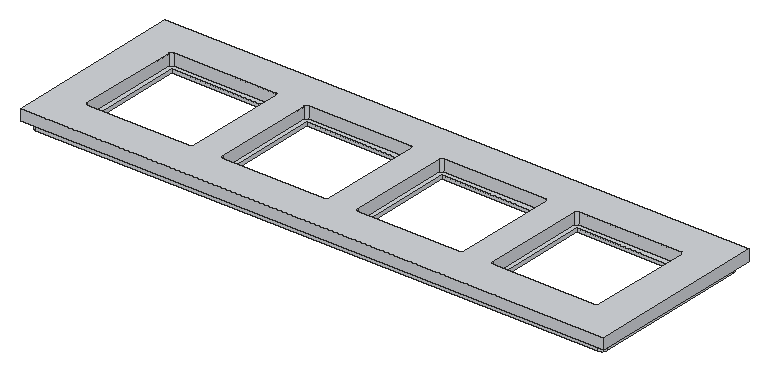
Revit family "Gira_021412", category Electrical Fixtures, host Face, Revit 2017
Family settings
  Host = Face
  Maintain Annotation Orientation = No
  Round Connector Dimension = Use Diameter
  Part Type = Normal
  Cut with Voids When Loaded = No
  Shared = No
  Room Calculation Point = No
Parameters (values of type "Cov.fr. 4-g Gira Esprit white gl.")
  With mounting grid = "No"
  With hinged lid = "No"
  URL = "http://katalog.gira.de/en/datenblatt.html?artikelnr=021412"
  Type of fastening = "Clamp mounting"
  Transparent = "No"
  Surface protection = "Other"
  Suitable for wall duct = "No"
  Suitable for flush-mounted installation = "Yes"
  Suitable for floor box = "No"
  Suitable for built-in installation = "No"
  Number of units vertical = "4"
  Number of units horizontal = "4"
  Number of units = "4"
  Name = "Cov.fr. 4-g Gira Esprit white gl."
  Mounting direction = "Horizontal and vertical"
  Material quality = "Real glass"
  Material = "Glass"
  Manufacturer URL = "https://www.gira.de/"
  Manufacturer = "Gira"
  Label space/information surface = "No"
  Keynote = ""
  HeinzeBIM = "https://bimportal.heinze.de/bim/cov-fr-4-g-gira-esprit-white-gl-/3d7f772b78745eb52de39a3051022ab75fd9eed2"
  Halogen free = "No"
  HAN = "021412"
  GTIN = "4010337214120"
  Description = "Cov.fr.4g Espr. GWh,Gira Esprit cover frame,white glass,4-gang,"
  Degree of protection (IP) = "IP20"
  Default Elevation = 1219.2 mm
  Data sheet (1) = "https://katalog.gira.de/en/download.html?artikelnr=021412"
  Colour = "White"
  Category = "Cover frame for domestic switching devices"
  BIM (1) = "https://media.stage.bim.site/public/gira/36a6b08/Espr._Rahmen_4fach.rfa"
  Available = "No"
Reference planes
  plane 1 "Center (Front/Back)": y = 0
  plane 2: z = 0
  plane 3 "Center (Left/Right)": x = 0
Forms (mm)
  Extrusion 1, solid, detail levels fine
    sketch origin (0, 0, 0) x (1, 0, 0) y (0, 1, 0)
      loop
        line (-154, 47.5) -> (-154, -47.5) -> (154, -47.5) -> (154, 47.5) -> (-154, 47.5)
      loop
        arc (-135.25, -26.8) -> (-134.811, -27.861) -> (-133.75, -28.3) r 1.5
        line (-133.75, -28.3) -> (-80.15, -28.3)
        arc (-80.15, -28.3) -> (-79.089, -27.861) -> (-78.65, -26.8) r 1.5
        line (-78.65, -26.8) -> (-78.65, 26.8)
        arc (-78.65, 26.8) -> (-79.089, 27.861) -> (-80.15, 28.3) r 1.5
        line (-80.15, 28.3) -> (-133.75, 28.3)
        arc (-133.75, 28.3) -> (-134.811, 27.861) -> (-135.25, 26.8) r 1.5
        line (-135.25, 26.8) -> (-135.25, -26.8)
      loop
        arc (-63.95, -26.8) -> (-63.511, -27.861) -> (-62.45, -28.3) r 1.5
        line (-62.45, -28.3) -> (-8.85, -28.3)
        arc (-8.85, -28.3) -> (-7.789, -27.861) -> (-7.35, -26.8) r 1.5
        line (-7.35, -26.8) -> (-7.35, 26.8)
        arc (-7.35, 26.8) -> (-7.789, 27.861) -> (-8.85, 28.3) r 1.5
        line (-8.85, 28.3) -> (-62.45, 28.3)
        arc (-62.45, 28.3) -> (-63.511, 27.861) -> (-63.95, 26.8) r 1.5
        line (-63.95, 26.8) -> (-63.95, -26.8)
      loop
        arc (7.35, -26.8) -> (7.789, -27.861) -> (8.85, -28.3) r 1.5
        line (8.85, -28.3) -> (62.45, -28.3)
        arc (62.45, -28.3) -> (63.511, -27.861) -> (63.95, -26.8) r 1.5
        line (63.95, -26.8) -> (63.95, 26.8)
        arc (63.95, 26.8) -> (63.511, 27.861) -> (62.45, 28.3) r 1.5
        line (62.45, 28.3) -> (8.85, 28.3)
        arc (8.85, 28.3) -> (7.789, 27.861) -> (7.35, 26.8) r 1.5
        line (7.35, 26.8) -> (7.35, -26.8)
      loop
        arc (78.65, -26.8) -> (79.089, -27.861) -> (80.15, -28.3) r 1.5
        line (80.15, -28.3) -> (133.75, -28.3)
        arc (133.75, -28.3) -> (134.811, -27.861) -> (135.25, -26.8) r 1.5
        line (135.25, -26.8) -> (135.25, 26.8)
        arc (135.25, 26.8) -> (134.811, 27.861) -> (133.75, 28.3) r 1.5
        line (133.75, 28.3) -> (80.15, 28.3)
        arc (80.15, 28.3) -> (79.089, 27.861) -> (78.65, 26.8) r 1.5
        line (78.65, 26.8) -> (78.65, -26.8)
    from 0 to 6
  Extrusion 2, solid, detail levels fine
    sketch origin (0, 0, 0) x (1, 0, 0) y (0, 1, 0)
      loop
        line (-132.85, -25.7) -> (-81.05, -25.7) -> (-81.05, 25.7) -> (-132.85, 25.7) -> (-132.85, -25.7)
      loop
        line (61.55, 25.7) -> (9.75, 25.7) -> (9.75, -25.7) -> (61.55, -25.7) -> (61.55, 25.7)
      loop
        arc (-149.85, -41.4) -> (-149.323, -42.673) -> (-148.05, -43.2) r 1.8
        line (-148.05, -43.2) -> (148.05, -43.2)
        arc (148.05, -43.2) -> (149.323, -42.673) -> (149.85, -41.4) r 1.8
        line (149.85, -41.4) -> (149.85, 41.4)
        arc (149.85, 41.4) -> (149.323, 42.673) -> (148.05, 43.2) r 1.8
        line (148.05, 43.2) -> (-148.05, 43.2)
        arc (-148.05, 43.2) -> (-149.323, 42.673) -> (-149.85, 41.4) r 1.8
        line (-149.85, 41.4) -> (-149.85, -41.4)
      loop
        line (-9.75, 25.7) -> (-61.55, 25.7) -> (-61.55, -25.7) -> (-9.75, -25.7) -> (-9.75, 25.7)
      loop
        line (132.85, 25.7) -> (81.05, 25.7) -> (81.05, -25.7) -> (132.85, -25.7) -> (132.85, 25.7)
    from -1.9 to 0
  Extrusion 3, solid, detail levels fine
    sketch origin (0, 0, 0) x (1, 0, 0) y (0, 1, 0)
      loop
        arc (-148.05, 44.4) -> (-150.171, 43.521) -> (-151.05, 41.4) r 3
        line (-151.05, 41.4) -> (-151.05, -41.4)
        arc (-151.05, -41.4) -> (-150.171, -43.521) -> (-148.05, -44.4) r 3
        line (-148.05, -44.4) -> (148.05, -44.4)
        arc (148.05, -44.4) -> (150.171, -43.521) -> (151.05, -41.4) r 3
        line (151.05, -41.4) -> (151.05, 41.4)
        arc (151.05, 41.4) -> (150.171, 43.521) -> (148.05, 44.4) r 3
        line (148.05, 44.4) -> (-148.05, 44.4)
      loop
        arc (-149.85, -41.4) -> (-149.323, -42.673) -> (-148.05, -43.2) r 1.8
        line (-148.05, -43.2) -> (148.05, -43.2)
        arc (148.05, -43.2) -> (149.323, -42.673) -> (149.85, -41.4) r 1.8
        line (149.85, -41.4) -> (149.85, 41.4)
        arc (149.85, 41.4) -> (149.323, 42.673) -> (148.05, 43.2) r 1.8
        line (148.05, 43.2) -> (-148.05, 43.2)
        arc (-148.05, 43.2) -> (-149.323, 42.673) -> (-149.85, 41.4) r 1.8
        line (-149.85, 41.4) -> (-149.85, -41.4)
    from -3.7 to 0
  Extrusion 4, solid, detail levels medium
    sketch origin (0, 0, 0) x (1, 0, 0) y (0, 1, 0)
      loop
        line (-154, 47.5) -> (-154, -47.5) -> (154, -47.5) -> (154, 47.5) -> (-154, 47.5)
    from 0 to 6
  Extrusion 5, solid, detail levels medium
    sketch origin (0, 0, 0) x (1, 0, 0) y (0, 1, 0)
      loop
        line (-154, 44.4) -> (-154, -44.4) -> (154, -44.4) -> (154, 44.4) -> (-154, 44.4)
    from -3.7 to 0
  Extrusion 6, solid, detail levels coarse
    sketch origin (0, 0, 0) x (1, 0, 0) y (0, 1, 0)
      loop
        line (-154, 47.5) -> (-154, -47.5) -> (154, -47.5) -> (154, 47.5) -> (-154, 47.5)
    from -3.7 to 6
Dimensions and locks
  aligned and locked: plane 2 to host face
  aligned and locked: level to host face
